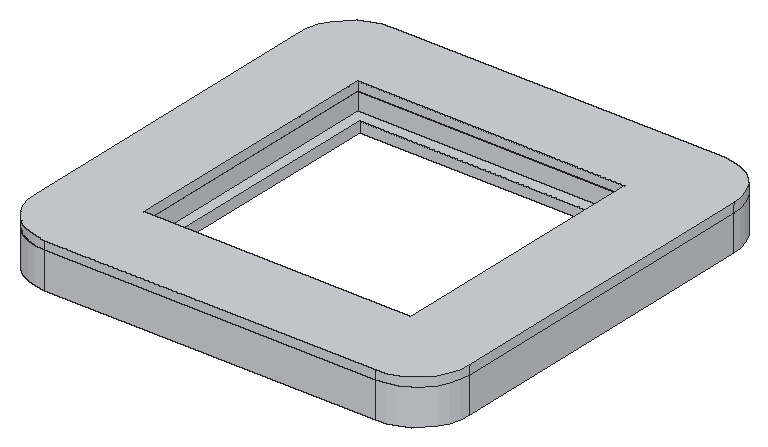
Revit family "Gira_0211425", category Electrical Fixtures, host Face, Revit 2017
Family settings
  Host = Face
  Maintain Annotation Orientation = No
  Round Connector Dimension = Use Diameter
  Part Type = Normal
  Cut with Voids When Loaded = No
  Shared = No
  Room Calculation Point = No
Parameters (values of type "Cov.fr. 1-g Gira E3 Grey green/anthra.")
  URL = "http://katalog.gira.de/en/datenblatt.html?artikelnr=0211425"
  Transparent = "No"
  Name = "Cov.fr. 1-g Gira E3 Grey green/anthra."
  Manufacturer URL = "https://www.gira.de/"
  Manufacturer = "Gira"
  Keynote = ""
  HeinzeBIM = "https://bimportal.heinze.de/bim/cov-fr-1-g-gira-e3-grey-green-anthra-/8eac3e804e52bc74d1d914c91688adf8ff7cdc37"
  HAN = "0211425"
  GTIN = "4010337024330"
  Description = "Cov.fr.1g E3 GgnAn,Gira E3 cover frame,grey green soft touch with anthracite intermediate frame,1-gang,Features:,- Shatter-proof.,,Notes :,- Soft-touch surface,- NCS value: approx. NCS S 4005-G50Y"
  Default Elevation = 1219.2 mm
  Data sheet (1) = "https://katalog.gira.de/en/download.html?artikelnr=0211425"
  Category = "Cover frame for domestic switching devices"
  BIM (1) = "https://media.stage.bim.site/public/gira/36a6b08/E3_Rahmen_1fach.rfa"
  Available = "No"
Reference planes
  plane 1 "Center (Front/Back)": y = 0
  plane 2: z = 0
  plane 3 "Center (Left/Right)": x = 0
Forms (mm)
  Extrusion 1, solid, detail levels fine
    sketch origin (0, 0, 0) x (1, 0, 0) y (0, 1, 0)
      loop
        arc (-34.8, 45.809) -> (-42.585, 42.585) -> (-45.809, 34.8) r 11.009
        line (-45.809, 34.8) -> (-45.809, -34.8)
        arc (-45.809, -34.8) -> (-42.585, -42.585) -> (-34.8, -45.809) r 11.009
        line (-34.8, -45.809) -> (34.8, -45.809)
        arc (34.8, -45.809) -> (42.585, -42.585) -> (45.809, -34.8) r 11.009
        line (45.809, -34.8) -> (45.809, 34.8)
        arc (45.809, 34.8) -> (42.585, 42.585) -> (34.8, 45.809) r 11.009
        line (34.8, 45.809) -> (-34.8, 45.809)
      loop
        line (28.187, 28.156) -> (-28.187, 28.156) -> (-28.187, -28.156) -> (28.187, -28.156) -> (28.187, 28.156)
    from 7.65 to 9.5
  Extrusion 2, solid, detail levels fine
    sketch origin (0, 0, 0) x (1, 0, 0) y (0, 1, 0)
      loop
        line (25.7, 25.7) -> (-25.7, 25.7) -> (-25.7, -25.7) -> (25.7, -25.7) -> (25.7, 25.7)
      loop
        line (-28.187, -28.156) -> (28.187, -28.156) -> (28.187, 28.156) -> (-28.187, 28.156) -> (-28.187, -28.156)
    from 1.65 to 3.9
  Extrusion 3, solid, detail levels fine
    sketch origin (0, 0, 0) x (1, 0, 0) y (0, 1, 0)
      loop
        arc (-34.8, 45.809) -> (-42.585, 42.585) -> (-45.809, 34.8) r 11.009
        line (-45.809, 34.8) -> (-45.809, -34.8)
        arc (-45.809, -34.8) -> (-42.585, -42.585) -> (-34.8, -45.809) r 11.009
        line (-34.8, -45.809) -> (34.8, -45.809)
        arc (34.8, -45.809) -> (42.585, -42.585) -> (45.809, -34.8) r 11.009
        line (45.809, -34.8) -> (45.809, 34.8)
        arc (45.809, 34.8) -> (42.585, 42.585) -> (34.8, 45.809) r 11.009
        line (34.8, 45.809) -> (-34.8, 45.809)
      loop
        line (-43.843, 34.785) -> (-43.843, -34.785)
        arc (-43.843, -34.785) -> (-41.19, -41.19) -> (-34.785, -43.843) r 9.058
        line (-34.785, -43.843) -> (34.785, -43.843)
        arc (34.785, -43.843) -> (41.19, -41.19) -> (43.843, -34.785) r 9.058
        line (43.843, -34.785) -> (43.843, 34.785)
        arc (43.843, 34.785) -> (41.19, 41.19) -> (34.785, 43.843) r 9.058
        line (34.785, 43.843) -> (-34.785, 43.843)
        arc (-34.785, 43.843) -> (-41.19, 41.19) -> (-43.843, 34.785) r 9.058
    from 0 to 7.65
  Extrusion 4, solid, detail levels fine
    sketch origin (0, 0, 0) x (1, 0, 0) y (0, 1, 0)
      loop
        line (-27.337, -31.075) -> (27.337, -31.075)
        arc (27.337, -31.075) -> (29.98, -29.98) -> (31.075, -27.337) r 3.739
        line (31.075, -27.337) -> (31.075, 27.337)
        arc (31.075, 27.337) -> (29.98, 29.98) -> (27.337, 31.075) r 3.739
        line (27.337, 31.075) -> (-27.337, 31.075)
        arc (-27.337, 31.075) -> (-29.98, 29.98) -> (-31.075, 27.337) r 3.739
        line (-31.075, 27.337) -> (-31.075, -27.337)
        arc (-31.075, -27.337) -> (-29.98, -29.98) -> (-27.337, -31.075) r 3.739
      loop
        line (-29.925, 27.537) -> (-29.925, -27.537)
        arc (-29.925, -27.537) -> (-29.226, -29.226) -> (-27.537, -29.925) r 2.389
        line (-27.537, -29.925) -> (27.537, -29.925)
        arc (27.537, -29.925) -> (29.226, -29.226) -> (29.925, -27.537) r 2.389
        line (29.925, -27.537) -> (29.925, 27.537)
        arc (29.925, 27.537) -> (29.226, 29.226) -> (27.537, 29.925) r 2.389
        line (27.537, 29.925) -> (-27.537, 29.925)
        arc (-27.537, 29.925) -> (-29.226, 29.226) -> (-29.925, 27.537) r 2.389
    from 1.65 to 7.65
  Extrusion 5, solid, detail levels fine
    sketch origin (0, 0, 0) x (1, 0, 0) y (0, 1, 0)
      loop
        line (-32.053, -39.8) -> (32.053, -39.8)
        arc (32.053, -39.8) -> (37.667, -36.708) -> (39.9, -30.7) r 9.2
        line (39.9, -30.7) -> (39.9, 30.7)
        arc (39.9, 30.7) -> (37.205, 37.205) -> (30.7, 39.9) r 9.2
        line (30.7, 39.9) -> (-30.7, 39.9)
        arc (-30.7, 39.9) -> (-37.205, 37.205) -> (-39.9, 30.7) r 9.2
        line (-39.9, 30.7) -> (-39.9, -30.7)
        arc (-39.9, -30.7) -> (-37.667, -36.708) -> (-32.053, -39.8) r 9.2
      loop
        line (-30.7, -31.7) -> (30.7, -31.7)
        arc (30.7, -31.7) -> (31.407, -31.407) -> (31.7, -30.7) r 1
        line (31.7, -30.7) -> (31.7, 30.7)
        arc (31.7, 30.7) -> (31.407, 31.407) -> (30.7, 31.7) r 1
        line (30.7, 31.7) -> (-30.7, 31.7)
        arc (-30.7, 31.7) -> (-31.407, 31.407) -> (-31.7, 30.7) r 1
        line (-31.7, 30.7) -> (-31.7, -30.7)
        arc (-31.7, -30.7) -> (-31.407, -31.407) -> (-30.7, -31.7) r 1
    from 1.65 to 3.9
  Extrusion 6, solid, detail levels fine
    sketch origin (0, 0, 0) x (1, 0, 0) y (0, 1, 0)
      loop
        line (-28.187, 28.156) -> (-28.187, -28.156) -> (28.187, -28.156) -> (28.187, 28.156) -> (-28.187, 28.156)
      loop
        line (-29.925, 29.925) -> (-29.925, -29.925) -> (29.925, -29.925) -> (29.925, 29.925) -> (-29.925, 29.925)
    from 1.65 to 7.65
  Extrusion 7, solid, detail levels coarse+medium
    sketch origin (0, 0, 0) x (1, 0, 0) y (0, 1, 0)
      loop
        line (-45.809, 45.809) -> (-45.809, -45.809) -> (45.809, -45.809) -> (45.809, 45.809) -> (-45.809, 45.809)
    from 0 to 9.5
Dimensions and locks
  aligned and locked: plane 2 to host face
  aligned and locked: level to host face
